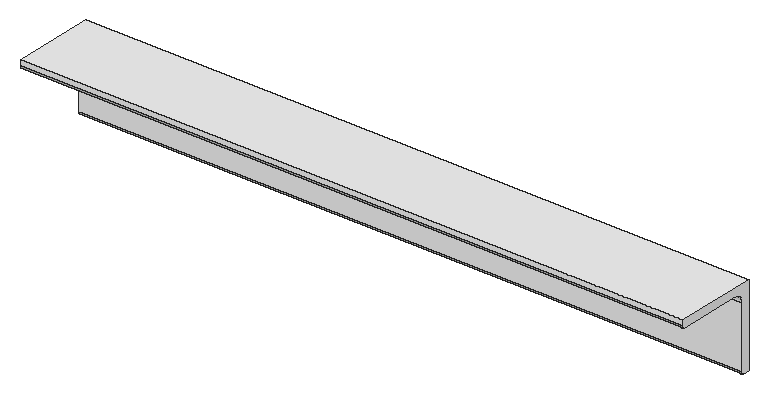
Revit family
Parameters (values of type "150x150x15RSA")
  시작 확장 계산 [instance] = 3012.5 mm + 시작 확장  # 3000 mm
  시작 확장 [instance] = -12.5 mm
  끝 확장 계산 [instance] = 3012.5 mm + 끝 확장  # 3000 mm
  끝 확장 [instance] = -12.5 mm
  보 재료 [instance] = 금속 - 스틸 - 345 MPa
  Assembly Code = ""
  A = 0.004 m²
  Cx = 42.6 mm
  Cy = 42.6 mm
  Ix = 909
  Length [instance] = 1524 mm
  M = 33.9
  Zx = 84.6
  b = 150 mm
  h = 150 mm
  r1 = 16 mm
  r2 = 4.8 mm
  t = 15 mm
Reference planes
  plane 1 "중심(앞/뒤)": y = 0
  plane 2: z = 0
  plane 3 "중심(왼쪽/오른쪽)": x = 4.61
  plane 4 "왼쪽 부재": x = -604.99
  plane 5 "오른쪽 부재": x = 614.21
  plane 6: y = 42.6
  plane 7: y = -107.4
  plane 8 "상단": z = 42.6
  plane 9: z = -107.4
  plane 10 "왼쪽": x = -757.39
  plane 11 "오른쪽": x = 766.61
  plane 12: x = -604.99
  plane 13: x = 614.21
  plane 14: x = 2395.01
  plane 15: x = -2385.79
Forms (mm)
  Sweep 1, solid, material "금속 - 스틸 - 345 MPa" <- "보 재료", detail levels medium
    path origin (0, 0, 0) x (1, 0, 0) y (0, 1, 0)
      loop
        line (614.21, 0) -> (-604.99, 0)
    profile "M_L-각도-프로파일-중간 : M_L-각도-프로파일-중간" origin (4.61, 0, 0) x (0, -1, 0) y (0, 0, 1)
      loop
        line (-42.6, -107.4) -> (-27.6, -107.4) -> (-27.6, 27.6) -> (107.4, 27.6) -> (107.4, 42.6) -> (-42.6, 42.6) -> (-42.6, -107.4)
  Sweep 2, solid, material "금속 - 스틸 - 345 MPa" <- "보 재료", detail levels fine
    path origin (0, 0, 0) x (1, 0, 0) y (0, 1, 0)
      loop
        line (614.21, 0) -> (-604.99, 0)
    profile "M_L-각도-프로파일2-섬세 : M_L-각도-프로파일2-섬세" origin (4.61, 0, 0) x (0, -1, 0) y (0, 0, 1)
      loop
        line (-42.6, -107.4) -> (-32.4, -107.4)
        arc (-32.4, -107.4) -> (-29.006, -105.994) -> (-27.6, -102.6) r 4.8
        line (-27.6, -102.6) -> (-27.6, 11.6)
        arc (-27.6, 11.6) -> (-22.914, 22.914) -> (-11.6, 27.6) r 16
        line (-11.6, 27.6) -> (102.6, 27.6)
        arc (102.6, 27.6) -> (105.994, 29.006) -> (107.4, 32.4) r 4.8
        line (107.4, 32.4) -> (107.4, 42.6) -> (-42.6, 42.6) -> (-42.6, -107.4)
Lines and regions (mm)
  symbolic lines, style "숨겨진 면", detail levels medium+fine
    curve 1: line (-604.99, 0, 27.6) -> (614.21, 0, 27.6)
    curve 2: line (-604.99, 12.7, 0) -> (614.21, 12.7, 0)
  symbolic lines, style "기호 부착", detail levels coarse
    curve 3: line (4.61, 42.6, 42.6) -> (4.61, -107.4, 42.6)
    curve 4: line (4.61, 42.6, -107.4) -> (4.61, 42.6, 42.6)
Dimensions and locks
  "b": plane 6 to plane 7
  "h": plane 9 to plane 8 "상단"
  "Cy": plane 6 to plane 1 "중심(앞/뒤)"
  "Cx": plane 8 "상단" to plane 2
  "Length": plane 10 "왼쪽" to plane 11 "오른쪽"
  locked: plane 4 "왼쪽 부재" to plane 14 at 3000
  locked: plane 15 to plane 5 "오른쪽 부재" at 3000
  "시작 확장 계산": plane 12 to plane 14
  "끝 확장 계산": plane 15 to plane 13
  aligned and locked: plane 4 "왼쪽 부재" to curve 1
  aligned and locked: plane 5 "오른쪽 부재" to curve 1
  aligned and locked: Sweep 1 sketch curve to plane 1 "중심(앞/뒤)"
  aligned and locked: Sweep 2 sketch curve to plane 1 "중심(앞/뒤)"
  aligned and locked: curve 3 to Sweep 2
  aligned and locked: Sweep 2 to curve 4
  aligned and locked: Sweep 1 to curve 3
  aligned and locked: curve 4 to Sweep 1
  aligned and locked: plane 12 to Sweep 2 sketch curve
  aligned and locked: plane 13 to Sweep 2 sketch curve
  aligned and locked: plane 12 to Sweep 1 sketch curve
  aligned and locked: plane 13 to Sweep 1 sketch curve
Automatic sketch dimensions
  curve 2 to plane 4 "왼쪽 부재" = 0 mm
  curve 2 to plane 5 "오른쪽 부재" = 0 mm
  curve 2 to plane 1 "중심(앞/뒤)" = 12.7 mm
  plane 8 "상단" to curve 1 = 15 mm
